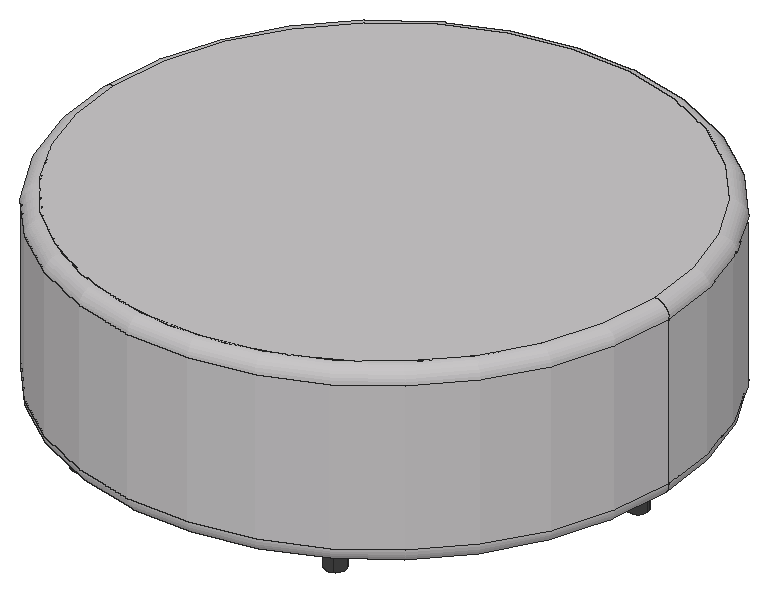
Revit family "FU_Chair_Sandler_ENTROPY_ENT0080TA", category Furniture, Revit 2020
Family settings
  OmniClass Number = 23.21.23.15.17
  Work Plane-Based = Yes
  Always vertical = No
  Cut with Voids When Loaded = No
  Shared = No
  Room Calculation Point = No
Parameters (values of type "ENTROPY ENT0080TA")
  Youtube clip = ""
  Width = 1200.000 mm  # constant formula
  Uniformat II Description = "Movable Furnishings"
  Uniformat II Code = ""
  Uniclass 2015 Name = ""
  Uniclass 2015 Code = ""
  Uniclass 2.0 Description = ""
  Uniclass 2.0 Code = ""
  Uniclass 1.4 Description = ""
  Uniclass 1.4 Code = ""
  UNSPSC Code = ""
  Technical description = ""
  Seat Material = Leather - Gaja - 60005
  Frame Material = Steel - Frame - Black
  Region South America = "All"
  Region Oceania = "All"
  Region North America = "All"
  Region Middle East = "All"
  Region Europe = "All"
  Region Asia = "All"
  Region Antarctica = "All"
  Region Africa = "All"
  QR code = ""
  Product url = "https://www.sandlerseating.com/product/ent0080ta/"
  Product name = ""
  Product group = "Chair"
  Product family = "Furniture"
  Product data url = "https://www.sandlerseating.com/product/ent0080ta/"
  Product certification = ""
  Product SKU = ""
  Product Guid = ""
  OmniClass Description = ""
  OmniClass Code = "23-21 23 15 17"
  NBS Reference Description = ""
  NBS Reference Code = ""
  Model = "ENTROPY ENT0080TA"
  Masterformat 2014 Description = "Chair Mats"
  Masterformat 2014 Code = "12 48 43.13"
  Manufacturer name = "Sandler"
  Manufacturer country = "UK"
  Manufacturer = "Sandler"
  Installation instructions = ""
  IFC Classification = "Furnishing Element"
  GTIN code = ""
  Edition number = 1
  Design country = "UK"
  Description = "Chair"
  Default Elevation = 0.000 mm
  Date of publishing = ""
  COBIe Type Category = ""
  Brand url = "https://www.sandlerseating.com/"
  BIMobject main category code = "furniture"
  BIMobject main category = "Furniture"
  BIMobject category code = "furniture-chair"
  BIMobject category = "Chair"
Reference planes
  plane 1 "Center Front/Back": y = 0
  plane 2: z = 0
  plane 3 "Center Left/Right": x = 0
  plane 4: z = 410
  plane 5: z = 40
Forms (mm)
  Extrusion 1, solid, material "Leather - Gaja - 60005" <- "Seat Material"
    sketch origin (0, 0, 0) x (1, 0, 0) y (0, 1, 0)
      loop
        circle (0, 0) r 600
    from 40 to 410
  Extrusion 2, solid, material "Steel - Frame - Black" <- "Frame Material"
    sketch origin (0, 0, 0) x (1, 0, 0) y (0, 1, 0)
      loop
        circle (535, 0) r 20
    from 0 to 40
  Sweep 3, void
    path in 3D
      loop
        arc (600, 0, 410) -> (0, -600, 410) -> (-600, 0, 410) r 600
        arc (-600, 0, 410) -> (0, 600, 410) -> (600, 0, 410) r 600
    profile origin (0, 600, 410) x (0, 1, 0) y (0, 0, 1)
      loop
        line (0, 0) -> (-30, 0)
        arc (-30, 0) -> (-8.787, -8.787) -> (0, -30) r 30
        line (0, -30) -> (0, 0)
      loop
        line (0, -370) -> (0, -340)
        arc (0, -340) -> (-8.787, -361.213) -> (-30, -370) r 30
        line (-30, -370) -> (0, -370)
  Extrusion 4, solid, material "Steel - Frame - Black" <- "Frame Material"
    sketch origin (0, 0, 0) x (0.5, -0.866025, 0) y (0.866025, 0.5, 0)
      loop
        circle (535, 0) r 20
    from 0 to 40
  Extrusion 5, solid, material "Steel - Frame - Black" <- "Frame Material"
    sketch origin (0, 0, 0) x (-0.5, -0.866025, 0) y (0.866025, -0.5, 0)
      loop
        circle (535, 0) r 20
    from 0 to 40
  Extrusion 6, solid, material "Steel - Frame - Black" <- "Frame Material"
    sketch origin (0, 0, 0) x (-1, 0, 0) y (0, -1, 0)
      loop
        circle (535, 0) r 20
    from 0 to 40
  Extrusion 7, solid, material "Steel - Frame - Black" <- "Frame Material"
    sketch origin (0, 0, 0) x (-0.5, 0.866025, 0) y (-0.866025, -0.5, 0)
      loop
        circle (535, 0) r 20
    from 0 to 40
  Extrusion 8, solid, material "Steel - Frame - Black" <- "Frame Material"
    sketch origin (0, 0, 0) x (0.5, 0.866025, 0) y (-0.866025, 0.5, 0)
      loop
        circle (535, 0) r 20
    from 0 to 40
Cuts and joins
  Sweep 3 cuts Extrusion 1
Lines and regions (mm)
  sketch lines
    curve 1: arc (-600, 0, 410) -> (0, 600, 410) -> (600, 0, 410) r 600
    curve 2: arc (600, 0, 410) -> (0, -600, 410) -> (-600, 0, 410) r 600
Dimensions and locks
  "Width": diameter of Extrusion 1 sketch curve
  aligned and locked: level to plane 2
Automatic sketch dimensions
  Sweep 3 sketch curve to profile plane = 0.000 mm  (x3)
  profile plane to Sweep 3 sketch curve = 30.000 mm  (x2)
  Sweep 3 sketch curve to Sweep 3 sketch curve = 310.000 mm
  plane 1 "Center Front/Back" to Extrusion 2 sketch curve = 0.000 mm
  plane 3 "Center Left/Right" to Extrusion 2 sketch curve = 535.000 mm
  plane 3 "Center Left/Right" to Extrusion 4 sketch curve = 267.500 mm
  plane 1 "Center Front/Back" to Extrusion 4 sketch curve = 463.324 mm
  Extrusion 5 sketch curve to plane 3 "Center Left/Right" = 267.500 mm
  plane 1 "Center Front/Back" to Extrusion 5 sketch curve = 463.324 mm
  plane 1 "Center Front/Back" to Extrusion 6 sketch curve = 0.000 mm
  Extrusion 6 sketch curve to plane 3 "Center Left/Right" = 535.000 mm
  Extrusion 7 sketch curve to plane 3 "Center Left/Right" = 267.500 mm
  Extrusion 7 sketch curve to plane 1 "Center Front/Back" = 463.324 mm
  plane 3 "Center Left/Right" to Extrusion 8 sketch curve = 267.500 mm
  Extrusion 8 sketch curve to plane 1 "Center Front/Back" = 463.324 mm
  plane 1 "Center Front/Back" to Extrusion 1 sketch curve = 0.000 mm
  Extrusion 1 sketch curve to plane 3 "Center Left/Right" = 0.000 mm
  radius of Extrusion 2 sketch curve = 20.000 mm
  radius of Extrusion 4 sketch curve = 20.000 mm
  radius of Extrusion 5 sketch curve = 20.000 mm
  radius of Extrusion 6 sketch curve = 20.000 mm
  radius of Extrusion 7 sketch curve = 20.000 mm
  radius of Extrusion 8 sketch curve = 20.000 mm
